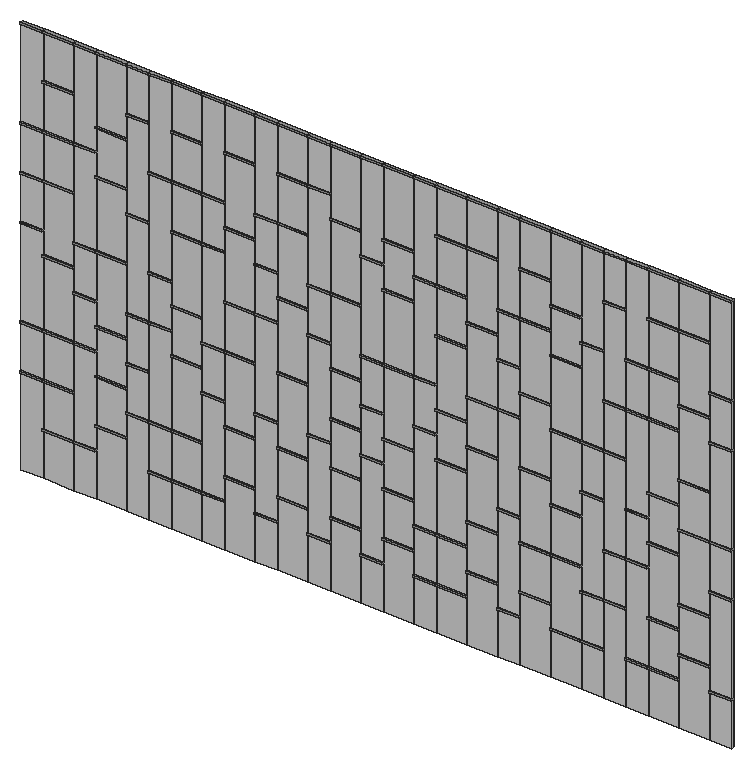
Revit family "SUR-FLD-023_GRUPPO_RFA", category Modelos genéricos, Revit 2022
Family settings
  Puede alojar armadura = No
  Cota de conector redondo = Diámetro de uso
  Tipo de pieza = Normal
  Se basa en plano de trabajo = No
  Siempre vertical = Sí
  Corte con vacíos al cargar = No
  Mantener orientación de anotación = No
  Compartido = No
  Punto de cálculo de habitación = No
Parameters
  Elevación por defecto = 0.00"
Reference planes (in)
  plane 1 "Centro (Frontal/Posterior)": y = 0
  plane 2: z = 0
  plane 3 "Centro (Izquierda/Derecha)": x = 0
Forms (in)
  Extrusion 1, solid
    sketch origin (0, 0, 0) x (1, 0, 0) y (0, 1, 0)
      loop
        line (0, 0) -> (0, -0.23622) -> (6.00006, -0.23622) -> (6.00006, 0) -> (0, 0)
    from 0 to 23.52796
  Extrusion 2, solid
    sketch origin (0, -0.23622, 0) x (1, 0, 0) y (0, 1, 0)
      loop
        line (0, 0) -> (0, -0.23622) -> (6.00006, -0.23622) -> (6.00006, 0) -> (0, 0)
    from 0 to 23.52796
  Extrusion 3, solid
    sketch origin (0, -0.47244, 0) x (1, 0, 0) y (0, 1, 0)
      loop
        line (0, 0) -> (0, -0.11811) -> (6.00006, -0.11811) -> (6.00006, 0) -> (0, 0)
    from 0 to 23.52796
  Extrusion 4, solid
    sketch origin (0, -0.23622, 0.47208) x (1, 0, 0) y (0, 1, 0)
      loop
        line (0, 0.23622) -> (0, -0.76378) -> (6.00006, -0.76378) -> (6.00006, 0.23622) -> (0, 0.23622)
    from 23.05588 to 23.52796
  Extrusion 5, solid
    sketch origin (0, 0, -0.00036) x (1, 0, 0) y (0, 1, 0)
      loop
        line (0, 0) -> (0, -0.23622) -> (6.00006, -0.23622) -> (6.00006, 0) -> (0, 0)
    from 24.0004 to 35.52797
  Extrusion 6, solid
    sketch origin (0, -0.23622, -0.00036) x (1, 0, 0) y (0, 1, 0)
      loop
        line (0, 0) -> (0, -0.23622) -> (6.00006, -0.23622) -> (6.00006, 0) -> (0, 0)
    from 24.0004 to 35.52797
  Extrusion 7, solid
    sketch origin (0, -0.23622, 12.47174) x (1, 0, 0) y (0, 1, 0)
      loop
        line (0, 0.23622) -> (0, -0.76378) -> (6.00006, -0.76378) -> (6.00006, 0.23622) -> (0, 0.23622)
    from 23.05588 to 23.52796
  Extrusion 8, solid
    sketch origin (0, -0.47244, 5.99962) x (1, 0, 0) y (0, 1, 0)
      loop
        line (0, 0) -> (0, -0.11811) -> (6.00006, -0.11811) -> (6.00006, 0) -> (0, 0)
    from 18.00042 to 29.52798
  Extrusion 9, solid
    sketch origin (0.00006, -0.47244, 5.99996) x (1, 0, 0) y (0, 1, 0)
      loop
        line (6, 0) -> (6, -0.11811) -> (14.25008, -0.11811) -> (14.25008, 0) -> (6, 0)
    from 18.00042 to 29.52798
  Extrusion 10, solid
    sketch origin (0.00006, -0.23622, -0.00003) x (1, 0, 0) y (0, 1, 0)
      loop
        line (6, 0) -> (6, -0.23622) -> (14.25008, -0.23622) -> (14.25008, 0) -> (6, 0)
    from 24.0004 to 35.52797
  Extrusion 11, solid
    sketch origin (0.00006, 0, -0.00003) x (1, 0, 0) y (0, 1, 0)
      loop
        line (6, 0) -> (6, -0.23622) -> (14.25008, -0.23622) -> (14.25008, 0) -> (6, 0)
    from 24.0004 to 35.52797
  Extrusion 12, solid
    sketch origin (0.00006, -0.23622, 12.47207) x (1, 0, 0) y (0, 1, 0)
      loop
        line (6, 0.23622) -> (6, -0.76378) -> (14.25008, -0.76378) -> (14.25008, 0.23622) -> (6, 0.23622)
    from 23.05588 to 23.52796
  Extrusion 13, solid
    sketch origin (0.00006, -0.23622, 12.47195) x (1, 0, 0) y (0, 1, 0)
      loop
        line (6, 0.23622) -> (6, -0.76378) -> (14.25008, -0.76378) -> (14.25008, 0.23622) -> (6, 0.23622)
    from 41.05559 to 41.52812
  Extrusion 14, solid
    sketch origin (0.00006, -0.47244, 5.99984) x (1, 0, 0) y (0, 1, 0)
      loop
        line (6, 0) -> (6, -0.11811) -> (14.25008, -0.11811) -> (14.25008, 0) -> (6, 0)
    from 30.00019 to 47.5277
  Extrusion 15, solid
    sketch origin (0.00006, -0.23622, -0.00014) x (1, 0, 0) y (0, 1, 0)
      loop
        line (6, 0) -> (6, -0.23622) -> (14.25008, -0.23622) -> (14.25008, 0) -> (6, 0)
    from 36.00017 to 53.52769
  Extrusion 16, solid
    sketch origin (0.00006, 0, -0.00014) x (1, 0, 0) y (0, 1, 0)
      loop
        line (6, 0) -> (6, -0.23622) -> (14.25008, -0.23622) -> (14.25008, 0) -> (6, 0)
    from 36.00017 to 53.52769
  Extrusion 17, solid, not visible
    sketch origin (0, 0, 0) x (1, 0, 0) y (0, 1, 0)
      loop
        line (0, 0) -> (0, -0.23622) -> (6.00006, -0.23622) -> (6.00006, 0) -> (0, 0)
    from 0 to 23.52796
  Extrusion 18, solid, not visible
    sketch origin (0, -0.23622, 0) x (1, 0, 0) y (0, 1, 0)
      loop
        line (0, 0) -> (0, -0.23622) -> (6.00006, -0.23622) -> (6.00006, 0) -> (0, 0)
    from 0 to 23.52796
  Extrusion 19, solid, not visible
    sketch origin (0, -0.47244, 0) x (1, 0, 0) y (0, 1, 0)
      loop
        line (0, 0) -> (0, -0.11811) -> (6.00006, -0.11811) -> (6.00006, 0) -> (0, 0)
    from 0 to 23.52796
  Extrusion 20, solid, not visible
    sketch origin (0, -0.23622, 0.47208) x (1, 0, 0) y (0, 1, 0)
      loop
        line (0, 0.23622) -> (0, -0.76378) -> (6.00006, -0.76378) -> (6.00006, 0.23622) -> (0, 0.23622)
    from 23.05588 to 23.52796
  Extrusion 21, solid, not visible
    sketch origin (0, 0, 0) x (1, 0, 0) y (0, 1, 0)
      loop
        line (0, 0) -> (0, -0.23622) -> (6.00006, -0.23622) -> (6.00006, 0) -> (0, 0)
    from 24.0004 to 35.52797
  Extrusion 22, solid, not visible
    sketch origin (0, -0.23622, 0) x (1, 0, 0) y (0, 1, 0)
      loop
        line (0, 0) -> (0, -0.23622) -> (6.00006, -0.23622) -> (6.00006, 0) -> (0, 0)
    from 24.0004 to 35.52797
  Extrusion 23, solid, not visible
    sketch origin (0, -0.23622, 12.4721) x (1, 0, 0) y (0, 1, 0)
      loop
        line (0, 0.23622) -> (0, -0.76378) -> (6.00006, -0.76378) -> (6.00006, 0.23622) -> (0, 0.23622)
    from 23.05588 to 23.52796
  Extrusion 24, solid, not visible
    sketch origin (0, -0.47244, 5.99998) x (1, 0, 0) y (0, 1, 0)
      loop
        line (0, 0) -> (0, -0.11811) -> (6.00006, -0.11811) -> (6.00006, 0) -> (0, 0)
    from 18.00042 to 29.52798
  Extrusion 25, solid, not visible
    sketch origin (0, -0.47244, 5.99998) x (1, 0, 0) y (0, 1, 0)
      loop
        line (6, 0) -> (6, -0.11811) -> (14.25008, -0.11811) -> (14.25008, 0) -> (6, 0)
    from 18.00042 to 29.52798
  Extrusion 26, solid, not visible
    sketch origin (0, -0.23622, 0) x (1, 0, 0) y (0, 1, 0)
      loop
        line (6, 0) -> (6, -0.23622) -> (14.25008, -0.23622) -> (14.25008, 0) -> (6, 0)
    from 24.0004 to 35.52797
  Extrusion 27, solid, not visible
    sketch origin (0, 0, 0) x (1, 0, 0) y (0, 1, 0)
      loop
        line (6, 0) -> (6, -0.23622) -> (14.25008, -0.23622) -> (14.25008, 0) -> (6, 0)
    from 24.0004 to 35.52797
  Extrusion 28, solid, not visible
    sketch origin (0, -0.23622, 12.4721) x (1, 0, 0) y (0, 1, 0)
      loop
        line (6, 0.23622) -> (6, -0.76378) -> (14.25008, -0.76378) -> (14.25008, 0.23622) -> (6, 0.23622)
    from 23.05588 to 23.52796
  Extrusion 29, solid, not visible
    sketch origin (0, -0.23622, 12.4721) x (1, 0, 0) y (0, 1, 0)
      loop
        line (6, 0.23622) -> (6, -0.76378) -> (14.25008, -0.76378) -> (14.25008, 0.23622) -> (6, 0.23622)
    from 41.05559 to 41.52812
  Extrusion 30, solid, not visible
    sketch origin (0, -0.47244, 5.99998) x (1, 0, 0) y (0, 1, 0)
      loop
        line (6, 0) -> (6, -0.11811) -> (14.25008, -0.11811) -> (14.25008, 0) -> (6, 0)
    from 30.00019 to 47.5277
  Extrusion 31, solid, not visible
    sketch origin (0, -0.23622, 0) x (1, 0, 0) y (0, 1, 0)
      loop
        line (6, 0) -> (6, -0.23622) -> (14.25008, -0.23622) -> (14.25008, 0) -> (6, 0)
    from 36.00017 to 53.52769
  Extrusion 32, solid, not visible
    sketch origin (0, 0, 0) x (1, 0, 0) y (0, 1, 0)
      loop
        line (6, 0) -> (6, -0.23622) -> (14.25008, -0.23622) -> (14.25008, 0) -> (6, 0)
    from 36.00017 to 53.52769
  Extrusion 33, solid
    sketch origin (0, 0, 35.99969) x (1, 0, 0) y (0, 1, 0)
      loop
        line (0, 0) -> (0, -0.23622) -> (6.00006, -0.23622) -> (6.00006, 0) -> (0, 0)
    from 0 to 23.52796
  Extrusion 34, solid
    sketch origin (0, -0.23622, 35.99969) x (1, 0, 0) y (0, 1, 0)
      loop
        line (0, 0) -> (0, -0.23622) -> (6.00006, -0.23622) -> (6.00006, 0) -> (0, 0)
    from 0 to 23.52796
  Extrusion 35, solid
    sketch origin (0, -0.47244, 35.99969) x (1, 0, 0) y (0, 1, 0)
      loop
        line (0, 0) -> (0, -0.11811) -> (6.00006, -0.11811) -> (6.00006, 0) -> (0, 0)
    from 0 to 23.52796
  Extrusion 36, solid
    sketch origin (0, -0.23622, 36.47177) x (1, 0, 0) y (0, 1, 0)
      loop
        line (0, 0.23622) -> (0, -0.76378) -> (6.00006, -0.76378) -> (6.00006, 0.23622) -> (0, 0.23622)
    from 23.05588 to 23.52796
  Extrusion 37, solid
    sketch origin (0, 0, 35.99933) x (1, 0, 0) y (0, 1, 0)
      loop
        line (0, 0) -> (0, -0.23622) -> (6.00006, -0.23622) -> (6.00006, 0) -> (0, 0)
    from 24.0004 to 35.52797
  Extrusion 38, solid
    sketch origin (0, -0.23622, 35.99933) x (1, 0, 0) y (0, 1, 0)
      loop
        line (0, 0) -> (0, -0.23622) -> (6.00006, -0.23622) -> (6.00006, 0) -> (0, 0)
    from 24.0004 to 35.52797
  Extrusion 39, solid
    sketch origin (0, -0.23622, 48.47143) x (1, 0, 0) y (0, 1, 0)
      loop
        line (0, 0.23622) -> (0, -0.76378) -> (6.00006, -0.76378) -> (6.00006, 0.23622) -> (0, 0.23622)
    from 23.05588 to 23.52796
  Extrusion 40, solid
    sketch origin (0, -0.47244, 41.99931) x (1, 0, 0) y (0, 1, 0)
      loop
        line (0, 0) -> (0, -0.11811) -> (6.00006, -0.11811) -> (6.00006, 0) -> (0, 0)
    from 18.00042 to 29.52798
  Extrusion 41, solid
    sketch origin (0, 0, 47.99899) x (1, 0, 0) y (0, 1, 0)
      loop
        line (0, 0) -> (0, -0.23622) -> (6.00006, -0.23622) -> (6.00006, 0) -> (0, 0)
    from 24.0004 to 35.52797
  Extrusion 42, solid
    sketch origin (0, -0.23622, 47.99899) x (1, 0, 0) y (0, 1, 0)
      loop
        line (0, 0) -> (0, -0.23622) -> (6.00006, -0.23622) -> (6.00006, 0) -> (0, 0)
    from 24.0004 to 35.52797
  Extrusion 43, solid
    sketch origin (0, -0.23622, 60.47108) x (1, 0, 0) y (0, 1, 0)
      loop
        line (0, 0.23622) -> (0, -0.76378) -> (6.00006, -0.76378) -> (6.00006, 0.23622) -> (0, 0.23622)
    from 23.05588 to 23.52796
  Extrusion 44, solid
    sketch origin (0, -0.47244, 53.99897) x (1, 0, 0) y (0, 1, 0)
      loop
        line (0, 0) -> (0, -0.11811) -> (6.00006, -0.11811) -> (6.00006, 0) -> (0, 0)
    from 18.00042 to 29.52798
  Extrusion 45, solid
    sketch origin (0, 0, 83.99904) x (1, 0, 0) y (0, 1, 0)
      loop
        line (0, 0) -> (0, -0.23622) -> (6.00006, -0.23622) -> (6.00006, 0) -> (0, 0)
    from 0 to 23.52796
  Extrusion 46, solid
    sketch origin (0, -0.23622, 83.99904) x (1, 0, 0) y (0, 1, 0)
      loop
        line (0, 0) -> (0, -0.23622) -> (6.00006, -0.23622) -> (6.00006, 0) -> (0, 0)
    from 0 to 23.52796
  Extrusion 47, solid
    sketch origin (0, -0.47244, 83.99904) x (1, 0, 0) y (0, 1, 0)
      loop
        line (0, 0) -> (0, -0.11811) -> (6.00006, -0.11811) -> (6.00006, 0) -> (0, 0)
    from 0 to 23.52796
  Extrusion 48, solid
    sketch origin (0, -0.23622, 84.47112) x (1, 0, 0) y (0, 1, 0)
      loop
        line (0, 0.23622) -> (0, -0.76378) -> (6.00006, -0.76378) -> (6.00006, 0.23622) -> (0, 0.23622)
    from 23.05588 to 23.52796
  Extrusion 49, solid
    sketch origin (0.00006, -0.47244, -5.9997) x (1, 0, 0) y (0, 1, 0)
      loop
        line (6, 0) -> (6, -0.11811) -> (14.25008, -0.11811) -> (14.25008, 0) -> (6, 0)
    from 18.00042 to 29.52798
  Extrusion 50, solid
    sketch origin (0.00006, -0.23622, -11.99968) x (1, 0, 0) y (0, 1, 0)
      loop
        line (6, 0) -> (6, -0.23622) -> (14.25008, -0.23622) -> (14.25008, 0) -> (6, 0)
    from 24.0004 to 35.52797
  Extrusion 51, solid
    sketch origin (0.00006, 0, -11.99968) x (1, 0, 0) y (0, 1, 0)
      loop
        line (6, 0) -> (6, -0.23622) -> (14.25008, -0.23622) -> (14.25008, 0) -> (6, 0)
    from 24.0004 to 35.52797
  Extrusion 52, solid
    sketch origin (0.00006, -0.23622, 0.47242) x (1, 0, 0) y (0, 1, 0)
      loop
        line (6, 0.23622) -> (6, -0.76378) -> (14.25008, -0.76378) -> (14.25008, 0.23622) -> (6, 0.23622)
    from 23.05588 to 23.52796
  Extrusion 53, solid
    sketch origin (0.00006, -0.47244, -17.99935) x (1, 0, 0) y (0, 1, 0)
      loop
        line (6, 0) -> (6, -0.11811) -> (14.25008, -0.11811) -> (14.25008, 0) -> (6, 0)
    from 18.00042 to 29.52798
  Extrusion 54, solid
    sketch origin (0.00006, -0.23622, -23.99933) x (1, 0, 0) y (0, 1, 0)
      loop
        line (6, 0) -> (6, -0.23622) -> (14.25008, -0.23622) -> (14.25008, 0) -> (6, 0)
    from 24.0004 to 35.52797
  Extrusion 55, solid
    sketch origin (0.00006, 0, -23.99933) x (1, 0, 0) y (0, 1, 0)
      loop
        line (6, 0) -> (6, -0.23622) -> (14.25008, -0.23622) -> (14.25008, 0) -> (6, 0)
    from 24.0004 to 35.52797
  Extrusion 56, solid
    sketch origin (0.00006, -0.23622, -11.52724) x (1, 0, 0) y (0, 1, 0)
      loop
        line (6, 0.23622) -> (6, -0.76378) -> (14.25008, -0.76378) -> (14.25008, 0.23622) -> (6, 0.23622)
    from 23.05588 to 23.52796
  Extrusion 57, solid
    sketch origin (0.00006, -0.23622, 30.47199) x (1, 0, 0) y (0, 1, 0)
      loop
        line (6, 0.23622) -> (6, -0.76378) -> (14.25008, -0.76378) -> (14.25008, 0.23622) -> (6, 0.23622)
    from 41.05559 to 41.52812
  Extrusion 58, solid
    sketch origin (0.00006, -0.47244, 23.99988) x (1, 0, 0) y (0, 1, 0)
      loop
        line (6, 0) -> (6, -0.11811) -> (14.25008, -0.11811) -> (14.25008, 0) -> (6, 0)
    from 30.00019 to 47.5277
  Extrusion 59, solid
    sketch origin (0.00006, -0.23622, 17.9999) x (1, 0, 0) y (0, 1, 0)
      loop
        line (6, 0) -> (6, -0.23622) -> (14.25008, -0.23622) -> (14.25008, 0) -> (6, 0)
    from 36.00017 to 53.52769
  Extrusion 60, solid
    sketch origin (0.00006, 0, 17.9999) x (1, 0, 0) y (0, 1, 0)
      loop
        line (6, 0) -> (6, -0.23622) -> (14.25008, -0.23622) -> (14.25008, 0) -> (6, 0)
    from 36.00017 to 53.52769
  Extrusion 61, solid
    sketch origin (0.00006, -0.47244, 53.9997) x (1, 0, 0) y (0, 1, 0)
      loop
        line (6, 0) -> (6, -0.11811) -> (14.25008, -0.11811) -> (14.25008, 0) -> (6, 0)
    from 18.00042 to 29.52798
  Extrusion 62, solid
    sketch origin (0.00006, -0.23622, 47.99972) x (1, 0, 0) y (0, 1, 0)
      loop
        line (6, 0) -> (6, -0.23622) -> (14.25008, -0.23622) -> (14.25008, 0) -> (6, 0)
    from 24.0004 to 35.52797
  Extrusion 63, solid
    sketch origin (0.00006, 0, 47.99972) x (1, 0, 0) y (0, 1, 0)
      loop
        line (6, 0) -> (6, -0.23622) -> (14.25008, -0.23622) -> (14.25008, 0) -> (6, 0)
    from 24.0004 to 35.52797
  Extrusion 64, solid
    sketch origin (0.00006, -0.23622, 60.47181) x (1, 0, 0) y (0, 1, 0)
      loop
        line (6, 0.23622) -> (6, -0.76378) -> (14.25008, -0.76378) -> (14.25008, 0.23622) -> (6, 0.23622)
    from 23.05588 to 23.52796
  Extrusion 65, solid
    sketch origin (0.00006, -0.47244, 65.99935) x (1, 0, 0) y (0, 1, 0)
      loop
        line (6, 0) -> (6, -0.11811) -> (14.25008, -0.11811) -> (14.25008, 0) -> (6, 0)
    from 18.00042 to 29.52798
  Extrusion 66, solid
    sketch origin (0.00006, -0.23622, 59.99937) x (1, 0, 0) y (0, 1, 0)
      loop
        line (6, 0) -> (6, -0.23622) -> (14.25008, -0.23622) -> (14.25008, 0) -> (6, 0)
    from 24.0004 to 35.52797
  Extrusion 67, solid
    sketch origin (0.00006, 0, 59.99937) x (1, 0, 0) y (0, 1, 0)
      loop
        line (6, 0) -> (6, -0.23622) -> (14.25008, -0.23622) -> (14.25008, 0) -> (6, 0)
    from 24.0004 to 35.52797
  Extrusion 68, solid
    sketch origin (0.00006, -0.23622, 72.47147) x (1, 0, 0) y (0, 1, 0)
      loop
        line (6, 0.23622) -> (6, -0.76378) -> (14.25008, -0.76378) -> (14.25008, 0.23622) -> (6, 0.23622)
    from 23.05588 to 23.52796
  Extrusion 69, solid
    sketch origin (0.00006, -0.47244, 77.99901) x (1, 0, 0) y (0, 1, 0)
      loop
        line (6, 0) -> (6, -0.11811) -> (14.25008, -0.11811) -> (14.25008, 0) -> (6, 0)
    from 18.00042 to 29.52798
  Extrusion 70, solid
    sketch origin (0.00006, -0.23622, 71.99903) x (1, 0, 0) y (0, 1, 0)
      loop
        line (6, 0) -> (6, -0.23622) -> (14.25008, -0.23622) -> (14.25008, 0) -> (6, 0)
    from 24.0004 to 35.52797
  Extrusion 71, solid
    sketch origin (0.00006, 0, 71.99903) x (1, 0, 0) y (0, 1, 0)
      loop
        line (6, 0) -> (6, -0.23622) -> (14.25008, -0.23622) -> (14.25008, 0) -> (6, 0)
    from 24.0004 to 35.52797
  Extrusion 72, solid
    sketch origin (0.00006, -0.23622, 84.47112) x (1, 0, 0) y (0, 1, 0)
      loop
        line (6, 0.23622) -> (6, -0.76378) -> (14.25008, -0.76378) -> (14.25008, 0.23622) -> (6, 0.23622)
    from 23.05588 to 23.52796
  Extrusion 73, solid
    sketch origin (14.25013, 0, 83.99904) x (1, 0, 0) y (0, 1, 0)
      loop
        line (0, 0) -> (0, -0.23622) -> (6.00006, -0.23622) -> (6.00006, 0) -> (0, 0)
    from 0 to 23.52796
  Extrusion 74, solid
    sketch origin (14.25013, -0.23622, 83.99904) x (1, 0, 0) y (0, 1, 0)
      loop
        line (0, 0) -> (0, -0.23622) -> (6.00006, -0.23622) -> (6.00006, 0) -> (0, 0)
    from 0 to 23.52796
  Extrusion 75, solid
    sketch origin (14.25013, -0.47244, 83.99904) x (1, 0, 0) y (0, 1, 0)
      loop
        line (0, 0) -> (0, -0.11811) -> (6.00006, -0.11811) -> (6.00006, 0) -> (0, 0)
    from 0 to 23.52796
  Extrusion 76, solid
    sketch origin (14.25013, -0.23622, 84.47112) x (1, 0, 0) y (0, 1, 0)
      loop
        line (0, 0.23622) -> (0, -0.76378) -> (6.00006, -0.76378) -> (6.00006, 0.23622) -> (0, 0.23622)
    from 23.05588 to 23.52796
  Extrusion 77, solid
    sketch origin (14.25013, 0, 59.999) x (1, 0, 0) y (0, 1, 0)
      loop
        line (0, 0) -> (0, -0.23622) -> (6.00006, -0.23622) -> (6.00006, 0) -> (0, 0)
    from 0 to 23.52796
  Extrusion 78, solid
    sketch origin (14.25013, -0.23622, 59.999) x (1, 0, 0) y (0, 1, 0)
      loop
        line (0, 0) -> (0, -0.23622) -> (6.00006, -0.23622) -> (6.00006, 0) -> (0, 0)
    from 0 to 23.52796
  Extrusion 79, solid
    sketch origin (14.25013, -0.47244, 59.999) x (1, 0, 0) y (0, 1, 0)
      loop
        line (0, 0) -> (0, -0.11811) -> (6.00006, -0.11811) -> (6.00006, 0) -> (0, 0)
    from 0 to 23.52796
  Extrusion 80, solid
    sketch origin (14.25013, -0.23622, 60.47108) x (1, 0, 0) y (0, 1, 0)
      loop
        line (0, 0.23622) -> (0, -0.76378) -> (6.00006, -0.76378) -> (6.00006, 0.23622) -> (0, 0.23622)
    from 23.05588 to 23.52796
  Extrusion 81, solid
    sketch origin (14.25013, 0, 23.99895) x (1, 0, 0) y (0, 1, 0)
      loop
        line (0, 0) -> (0, -0.23622) -> (6.00006, -0.23622) -> (6.00006, 0) -> (0, 0)
    from 24.0004 to 35.52797
  Extrusion 82, solid
    sketch origin (14.25013, -0.23622, 23.99895) x (1, 0, 0) y (0, 1, 0)
      loop
        line (0, 0) -> (0, -0.23622) -> (6.00006, -0.23622) -> (6.00006, 0) -> (0, 0)
    from 24.0004 to 35.52797
  Extrusion 83, solid
    sketch origin (14.25013, -0.23622, 36.47104) x (1, 0, 0) y (0, 1, 0)
      loop
        line (0, 0.23622) -> (0, -0.76378) -> (6.00006, -0.76378) -> (6.00006, 0.23622) -> (0, 0.23622)
    from 23.05588 to 23.52796
  Extrusion 84, solid
    sketch origin (14.25013, -0.47244, 29.99893) x (1, 0, 0) y (0, 1, 0)
      loop
        line (0, 0) -> (0, -0.11811) -> (6.00006, -0.11811) -> (6.00006, 0) -> (0, 0)
    from 18.00042 to 29.52798
  Extrusion 85, solid
    sketch origin (14.25013, 0, 11.99929) x (1, 0, 0) y (0, 1, 0)
      loop
        line (0, 0) -> (0, -0.23622) -> (6.00006, -0.23622) -> (6.00006, 0) -> (0, 0)
    from 24.0004 to 35.52797
  Extrusion 86, solid
    sketch origin (14.25013, -0.23622, 11.99929) x (1, 0, 0) y (0, 1, 0)
      loop
        line (0, 0) -> (0, -0.23622) -> (6.00006, -0.23622) -> (6.00006, 0) -> (0, 0)
    from 24.0004 to 35.52797
  Extrusion 87, solid
    sketch origin (14.25013, -0.23622, 24.47139) x (1, 0, 0) y (0, 1, 0)
      loop
        line (0, 0.23622) -> (0, -0.76378) -> (6.00006, -0.76378) -> (6.00006, 0.23622) -> (0, 0.23622)
    from 23.05588 to 23.52796
  Extrusion 88, solid
    sketch origin (14.25013, -0.47244, 17.99928) x (1, 0, 0) y (0, 1, 0)
      loop
        line (0, 0) -> (0, -0.11811) -> (6.00006, -0.11811) -> (6.00006, 0) -> (0, 0)
    from 18.00042 to 29.52798
  Extrusion 89, solid
    sketch origin (14.25013, 0, -24.0004) x (1, 0, 0) y (0, 1, 0)
      loop
        line (0, 0) -> (0, -0.23622) -> (6.00006, -0.23622) -> (6.00006, 0) -> (0, 0)
    from 24.0004 to 35.52797
  Extrusion 90, solid
    sketch origin (14.25013, -0.23622, -24.0004) x (1, 0, 0) y (0, 1, 0)
      loop
        line (0, 0) -> (0, -0.23622) -> (6.00006, -0.23622) -> (6.00006, 0) -> (0, 0)
    from 24.0004 to 35.52797
  Extrusion 91, solid
    sketch origin (14.25013, -0.23622, -11.5283) x (1, 0, 0) y (0, 1, 0)
      loop
        line (0, 0.23622) -> (0, -0.76378) -> (6.00006, -0.76378) -> (6.00006, 0.23622) -> (0, 0.23622)
    from 23.05588 to 23.52796
  Extrusion 92, solid
    sketch origin (14.25013, -0.47244, -18.00042) x (1, 0, 0) y (0, 1, 0)
      loop
        line (0, 0) -> (0, -0.11811) -> (6.00006, -0.11811) -> (6.00006, 0) -> (0, 0)
    from 18.00042 to 29.52798
  Extrusion 93, solid
    sketch origin (14.25013, 0, 11.99965) x (1, 0, 0) y (0, 1, 0)
      loop
        line (0, 0) -> (0, -0.23622) -> (6.00006, -0.23622) -> (6.00006, 0) -> (0, 0)
    from 0 to 23.52796
  Extrusion 94, solid
    sketch origin (14.25013, -0.23622, 11.99965) x (1, 0, 0) y (0, 1, 0)
      loop
        line (0, 0) -> (0, -0.23622) -> (6.00006, -0.23622) -> (6.00006, 0) -> (0, 0)
    from 0 to 23.52796
  Extrusion 95, solid
    sketch origin (14.25013, -0.47244, 11.99965) x (1, 0, 0) y (0, 1, 0)
      loop
        line (0, 0) -> (0, -0.11811) -> (6.00006, -0.11811) -> (6.00006, 0) -> (0, 0)
    from 0 to 23.52796
  Extrusion 96, solid
    sketch origin (14.25013, -0.23622, 12.47174) x (1, 0, 0) y (0, 1, 0)
      loop
        line (0, 0.23622) -> (0, -0.76378) -> (6.00006, -0.76378) -> (6.00006, 0.23622) -> (0, 0.23622)
    from 23.05588 to 23.52796
  Extrusion 97, solid
    sketch origin (14.25019, -0.23622, 18.47122) x (1, 0, 0) y (0, 1, 0)
      loop
        line (6, 0.23622) -> (6, -0.76378) -> (14.25008, -0.76378) -> (14.25008, 0.23622) -> (6, 0.23622)
    from 41.05559 to 41.52812
  Extrusion 98, solid
    sketch origin (14.25019, -0.47244, 11.9991) x (1, 0, 0) y (0, 1, 0)
      loop
        line (6, 0) -> (6, -0.11811) -> (14.25008, -0.11811) -> (14.25008, 0) -> (6, 0)
    from 30.00019 to 47.5277
  Extrusion 99, solid
    sketch origin (14.25019, -0.23622, 5.99912) x (1, 0, 0) y (0, 1, 0)
      loop
        line (6, 0) -> (6, -0.23622) -> (14.25008, -0.23622) -> (14.25008, 0) -> (6, 0)
    from 36.00017 to 53.52769
  Extrusion 100, solid
    sketch origin (14.25019, 0, 5.99912) x (1, 0, 0) y (0, 1, 0)
      loop
        line (6, 0) -> (6, -0.23622) -> (14.25008, -0.23622) -> (14.25008, 0) -> (6, 0)
    from 36.00017 to 53.52769
  Extrusion 101, solid
    sketch origin (14.25019, -0.23622, -23.52814) x (1, 0, 0) y (0, 1, 0)
      loop
        line (6, 0.23622) -> (6, -0.76378) -> (14.25008, -0.76378) -> (14.25008, 0.23622) -> (6, 0.23622)
    from 41.05559 to 41.52812
  Extrusion 102, solid
    sketch origin (14.25019, -0.47244, -30.00025) x (1, 0, 0) y (0, 1, 0)
      loop
        line (6, 0) -> (6, -0.11811) -> (14.25008, -0.11811) -> (14.25008, 0) -> (6, 0)
    from 30.00019 to 47.5277
  Extrusion 103, solid
    sketch origin (14.25019, -0.23622, -36.00023) x (1, 0, 0) y (0, 1, 0)
      loop
        line (6, 0) -> (6, -0.23622) -> (14.25008, -0.23622) -> (14.25008, 0) -> (6, 0)
    from 36.00017 to 53.52769
  Extrusion 104, solid
    sketch origin (14.25019, 0, -36.00023) x (1, 0, 0) y (0, 1, 0)
      loop
        line (6, 0) -> (6, -0.23622) -> (14.25008, -0.23622) -> (14.25008, 0) -> (6, 0)
    from 36.00017 to 53.52769
  Extrusion 105, solid
    sketch origin (14.25019, -0.23622, 36.47126) x (1, 0, 0) y (0, 1, 0)
      loop
        line (6, 0.23622) -> (6, -0.76378) -> (14.25008, -0.76378) -> (14.25008, 0.23622) -> (6, 0.23622)
    from 41.05559 to 41.52812
  Extrusion 106, solid
    sketch origin (14.25019, -0.47244, 29.99915) x (1, 0, 0) y (0, 1, 0)
      loop
        line (6, 0) -> (6, -0.11811) -> (14.25008, -0.11811) -> (14.25008, 0) -> (6, 0)
    from 30.00019 to 47.5277
  Extrusion 107, solid
    sketch origin (14.25019, -0.23622, 23.99916) x (1, 0, 0) y (0, 1, 0)
      loop
        line (6, 0) -> (6, -0.23622) -> (14.25008, -0.23622) -> (14.25008, 0) -> (6, 0)
    from 36.00017 to 53.52769
  Extrusion 108, solid
    sketch origin (14.25019, 0, 23.99916) x (1, 0, 0) y (0, 1, 0)
      loop
        line (6, 0) -> (6, -0.23622) -> (14.25008, -0.23622) -> (14.25008, 0) -> (6, 0)
    from 36.00017 to 53.52769
  Extrusion 109, solid
    sketch origin (14.25019, -0.23622, 66.47096) x (1, 0, 0) y (0, 1, 0)
      loop
        line (6, 0.23622) -> (6, -0.76378) -> (14.25008, -0.76378) -> (14.25008, 0.23622) -> (6, 0.23622)
    from 41.05559 to 41.52812
  Extrusion 110, solid
    sketch origin (14.25019, -0.47244, 59.99884) x (1, 0, 0) y (0, 1, 0)
      loop
        line (6, 0) -> (6, -0.11811) -> (14.25008, -0.11811) -> (14.25008, 0) -> (6, 0)
    from 30.00019 to 47.5277
  Extrusion 111, solid
    sketch origin (14.25019, -0.23622, 53.99886) x (1, 0, 0) y (0, 1, 0)
      loop
        line (6, 0) -> (6, -0.23622) -> (14.25008, -0.23622) -> (14.25008, 0) -> (6, 0)
    from 36.00017 to 53.52769
  Extrusion 112, solid
    sketch origin (14.25019, 0, 53.99886) x (1, 0, 0) y (0, 1, 0)
      loop
        line (6, 0) -> (6, -0.23622) -> (14.25008, -0.23622) -> (14.25008, 0) -> (6, 0)
    from 36.00017 to 53.52769
  Extrusion 113, solid
    sketch origin (14.25019, -0.47244, 59.99896) x (1, 0, 0) y (0, 1, 0)
      loop
        line (6, 0) -> (6, -0.11811) -> (14.25008, -0.11811) -> (14.25008, 0) -> (6, 0)
    from 18.00042 to 29.52798
  Extrusion 114, solid
    sketch origin (14.25019, -0.23622, 53.99898) x (1, 0, 0) y (0, 1, 0)
      loop
        line (6, 0) -> (6, -0.23622) -> (14.25008, -0.23622) -> (14.25008, 0) -> (6, 0)
    from 24.0004 to 35.52797
  Extrusion 115, solid
    sketch origin (14.25019, 0, 53.99898) x (1, 0, 0) y (0, 1, 0)
      loop
        line (6, 0) -> (6, -0.23622) -> (14.25008, -0.23622) -> (14.25008, 0) -> (6, 0)
    from 24.0004 to 35.52797
  Extrusion 116, solid
    sketch origin (14.25019, -0.23622, 66.47108) x (1, 0, 0) y (0, 1, 0)
      loop
        line (6, 0.23622) -> (6, -0.76378) -> (14.25008, -0.76378) -> (14.25008, 0.23622) -> (6, 0.23622)
    from 23.05588 to 23.52796
  Extrusion 117, solid
    sketch origin (14.25019, -0.47244, 11.99922) x (1, 0, 0) y (0, 1, 0)
      loop
        line (6, 0) -> (6, -0.11811) -> (14.25008, -0.11811) -> (14.25008, 0) -> (6, 0)
    from 18.00042 to 29.52798
  Extrusion 118, solid
    sketch origin (14.25019, -0.23622, 5.99924) x (1, 0, 0) y (0, 1, 0)
      loop
        line (6, 0) -> (6, -0.23622) -> (14.25008, -0.23622) -> (14.25008, 0) -> (6, 0)
    from 24.0004 to 35.52797
  Extrusion 119, solid
    sketch origin (14.25019, 0, 5.99924) x (1, 0, 0) y (0, 1, 0)
      loop
        line (6, 0) -> (6, -0.23622) -> (14.25008, -0.23622) -> (14.25008, 0) -> (6, 0)
    from 24.0004 to 35.52797
  Extrusion 120, solid
    sketch origin (14.25019, -0.23622, 18.47134) x (1, 0, 0) y (0, 1, 0)
      loop
        line (6, 0.23622) -> (6, -0.76378) -> (14.25008, -0.76378) -> (14.25008, 0.23622) -> (6, 0.23622)
    from 23.05588 to 23.52796
  Extrusion 121, solid
    sketch origin (14.25019, -0.47244, -0.00043) x (1, 0, 0) y (0, 1, 0)
      loop
        line (6, 0) -> (6, -0.11811) -> (14.25008, -0.11811) -> (14.25008, 0) -> (6, 0)
    from 18.00042 to 29.52798
  Extrusion 122, solid
    sketch origin (14.25019, -0.23622, -6.00041) x (1, 0, 0) y (0, 1, 0)
      loop
        line (6, 0) -> (6, -0.23622) -> (14.25008, -0.23622) -> (14.25008, 0) -> (6, 0)
    from 24.0004 to 35.52797
  Extrusion 123, solid
    sketch origin (14.25019, 0, -6.00041) x (1, 0, 0) y (0, 1, 0)
      loop
        line (6, 0) -> (6, -0.23622) -> (14.25008, -0.23622) -> (14.25008, 0) -> (6, 0)
    from 24.0004 to 35.52797
  Extrusion 124, solid
    sketch origin (14.25019, -0.23622, 6.47168) x (1, 0, 0) y (0, 1, 0)
      loop
        line (6, 0.23622) -> (6, -0.76378) -> (14.25008, -0.76378) -> (14.25008, 0.23622) -> (6, 0.23622)
    from 23.05588 to 23.52796
  Extrusion 125, solid
    sketch origin (28.50026, 0, 0) x (1, 0, 0) y (0, 1, 0)
      loop
        line (0, 0) -> (0, -0.23622) -> (6.00006, -0.23622) -> (6.00006, 0) -> (0, 0)
    from 0 to 23.52796
  Extrusion 126, solid
    sketch origin (28.50026, -0.23622, 0) x (1, 0, 0) y (0, 1, 0)
      loop
        line (0, 0) -> (0, -0.23622) -> (6.00006, -0.23622) -> (6.00006, 0) -> (0, 0)
    from 0 to 23.52796
  Extrusion 127, solid
    sketch origin (28.50026, -0.47244, 0) x (1, 0, 0) y (0, 1, 0)
      loop
        line (0, 0) -> (0, -0.11811) -> (6.00006, -0.11811) -> (6.00006, 0) -> (0, 0)
    from 0 to 23.52796
  Extrusion 128, solid
    sketch origin (28.50026, -0.23622, 0.47208) x (1, 0, 0) y (0, 1, 0)
      loop
        line (0, 0.23622) -> (0, -0.76378) -> (6.00006, -0.76378) -> (6.00006, 0.23622) -> (0, 0.23622)
    from 23.05588 to 23.52796
  Extrusion 129, solid
    sketch origin (28.50026, 0, 47.99935) x (1, 0, 0) y (0, 1, 0)
      loop
        line (0, 0) -> (0, -0.23622) -> (6.00006, -0.23622) -> (6.00006, 0) -> (0, 0)
    from 0 to 23.52796
  Extrusion 130, solid
    sketch origin (28.50026, -0.23622, 47.99935) x (1, 0, 0) y (0, 1, 0)
      loop
        line (0, 0) -> (0, -0.23622) -> (6.00006, -0.23622) -> (6.00006, 0) -> (0, 0)
    from 0 to 23.52796
  Extrusion 131, solid
    sketch origin (28.50026, -0.47244, 47.99935) x (1, 0, 0) y (0, 1, 0)
      loop
        line (0, 0) -> (0, -0.11811) -> (6.00006, -0.11811) -> (6.00006, 0) -> (0, 0)
    from 0 to 23.52796
  Extrusion 132, solid
    sketch origin (28.50026, -0.23622, 48.47143) x (1, 0, 0) y (0, 1, 0)
      loop
        line (0, 0.23622) -> (0, -0.76378) -> (6.00006, -0.76378) -> (6.00006, 0.23622) -> (0, 0.23622)
    from 23.05588 to 23.52796
  Extrusion 133, solid
    sketch origin (28.50026, 0, 71.99939) x (1, 0, 0) y (0, 1, 0)
      loop
        line (0, 0) -> (0, -0.23622) -> (6.00006, -0.23622) -> (6.00006, 0) -> (0, 0)
    from 0 to 23.52796
  Extrusion 134, solid
    sketch origin (28.50026, -0.23622, 71.99939) x (1, 0, 0) y (0, 1, 0)
      loop
        line (0, 0) -> (0, -0.23622) -> (6.00006, -0.23622) -> (6.00006, 0) -> (0, 0)
    from 0 to 23.52796
  Extrusion 135, solid
    sketch origin (28.50026, -0.47244, 71.99939) x (1, 0, 0) y (0, 1, 0)
      loop
        line (0, 0) -> (0, -0.11811) -> (6.00006, -0.11811) -> (6.00006, 0) -> (0, 0)
    from 0 to 23.52796
  Extrusion 136, solid
    sketch origin (28.50026, -0.23622, 72.47147) x (1, 0, 0) y (0, 1, 0)
      loop
        line (0, 0.23622) -> (0, -0.76378) -> (6.00006, -0.76378) -> (6.00006, 0.23622) -> (0, 0.23622)
    from 23.05588 to 23.52796
  Extrusion 137, solid
    sketch origin (28.50026, 0, 11.99929) x (1, 0, 0) y (0, 1, 0)
      loop
        line (0, 0) -> (0, -0.23622) -> (6.00006, -0.23622) -> (6.00006, 0) -> (0, 0)
    from 24.0004 to 35.52797
  Extrusion 138, solid
    sketch origin (28.50026, -0.23622, 11.99929) x (1, 0, 0) y (0, 1, 0)
      loop
        line (0, 0) -> (0, -0.23622) -> (6.00006, -0.23622) -> (6.00006, 0) -> (0, 0)
    from 24.0004 to 35.52797
  Extrusion 139, solid
    sketch origin (28.50026, -0.23622, 24.47139) x (1, 0, 0) y (0, 1, 0)
      loop
        line (0, 0.23622) -> (0, -0.76378) -> (6.00006, -0.76378) -> (6.00006, 0.23622) -> (0, 0.23622)
    from 23.05588 to 23.52796
  Extrusion 140, solid
    sketch origin (28.50026, -0.47244, 17.99928) x (1, 0, 0) y (0, 1, 0)
      loop
        line (0, 0) -> (0, -0.11811) -> (6.00006, -0.11811) -> (6.00006, 0) -> (0, 0)
    from 18.00042 to 29.52798
  Extrusion 141, solid
    sketch origin (28.50026, 0, 71.99903) x (1, 0, 0) y (0, 1, 0)
      loop
        line (0, 0) -> (0, -0.23622) -> (6.00006, -0.23622) -> (6.00006, 0) -> (0, 0)
    from 24.0004 to 35.52797
  Extrusion 142, solid
    sketch origin (28.50026, -0.23622, 71.99903) x (1, 0, 0) y (0, 1, 0)
      loop
        line (0, 0) -> (0, -0.23622) -> (6.00006, -0.23622) -> (6.00006, 0) -> (0, 0)
    from 24.0004 to 35.52797
  Extrusion 143, solid
    sketch origin (28.50026, -0.23622, 84.47112) x (1, 0, 0) y (0, 1, 0)
      loop
        line (0, 0.23622) -> (0, -0.76378) -> (6.00006, -0.76378) -> (6.00006, 0.23622) -> (0, 0.23622)
    from 23.05588 to 23.52796
  Extrusion 144, solid
    sketch origin (28.50026, -0.47244, 77.99901) x (1, 0, 0) y (0, 1, 0)
      loop
        line (0, 0) -> (0, -0.11811) -> (6.00006, -0.11811) -> (6.00006, 0) -> (0, 0)
    from 18.00042 to 29.52798
  Extrusion 145, solid
    sketch origin (28.50026, 0, -0.00036) x (1, 0, 0) y (0, 1, 0)
      loop
        line (0, 0) -> (0, -0.23622) -> (6.00006, -0.23622) -> (6.00006, 0) -> (0, 0)
    from 24.0004 to 35.52797
  Extrusion 146, solid
    sketch origin (28.50026, -0.23622, -0.00036) x (1, 0, 0) y (0, 1, 0)
      loop
        line (0, 0) -> (0, -0.23622) -> (6.00006, -0.23622) -> (6.00006, 0) -> (0, 0)
    from 24.0004 to 35.52797
  Extrusion 147, solid
    sketch origin (28.50026, -0.23622, 12.47174) x (1, 0, 0) y (0, 1, 0)
      loop
        line (0, 0.23622) -> (0, -0.76378) -> (6.00006, -0.76378) -> (6.00006, 0.23622) -> (0, 0.23622)
    from 23.05588 to 23.52796
  Extrusion 148, solid
    sketch origin (28.50026, -0.47244, 5.99962) x (1, 0, 0) y (0, 1, 0)
      loop
        line (0, 0) -> (0, -0.11811) -> (6.00006, -0.11811) -> (6.00006, 0) -> (0, 0)
    from 18.00042 to 29.52798
  Extrusion 149, solid
    sketch origin (34.50032, 0, 23.99931) x (1, 0, 0) y (0, 1, 0)
      loop
        line (0, 0) -> (0, -0.23622) -> (6.00006, -0.23622) -> (6.00006, 0) -> (0, 0)
    from 0 to 23.52796
  Extrusion 150, solid
    sketch origin (34.50032, -0.23622, 23.99931) x (1, 0, 0) y (0, 1, 0)
      loop
        line (0, 0) -> (0, -0.23622) -> (6.00006, -0.23622) -> (6.00006, 0) -> (0, 0)
    from 0 to 23.52796
  Extrusion 151, solid
    sketch origin (34.50032, -0.47244, 23.99931) x (1, 0, 0) y (0, 1, 0)
      loop
        line (0, 0) -> (0, -0.11811) -> (6.00006, -0.11811) -> (6.00006, 0) -> (0, 0)
    from 0 to 23.52796
  Extrusion 152, solid
    sketch origin (34.50032, -0.23622, 24.47139) x (1, 0, 0) y (0, 1, 0)
      loop
        line (0, 0.23622) -> (0, -0.76378) -> (6.00006, -0.76378) -> (6.00006, 0.23622) -> (0, 0.23622)
    from 23.05588 to 23.52796
  Extrusion 153, solid
    sketch origin (34.50032, 0, 59.999) x (1, 0, 0) y (0, 1, 0)
      loop
        line (0, 0) -> (0, -0.23622) -> (6.00006, -0.23622) -> (6.00006, 0) -> (0, 0)
    from 0 to 23.52796
  Extrusion 154, solid
    sketch origin (34.50032, -0.23622, 59.999) x (1, 0, 0) y (0, 1, 0)
      loop
        line (0, 0) -> (0, -0.23622) -> (6.00006, -0.23622) -> (6.00006, 0) -> (0, 0)
    from 0 to 23.52796
  Extrusion 155, solid
    sketch origin (34.50032, -0.47244, 59.999) x (1, 0, 0) y (0, 1, 0)
      loop
        line (0, 0) -> (0, -0.11811) -> (6.00006, -0.11811) -> (6.00006, 0) -> (0, 0)
    from 0 to 23.52796
  Extrusion 156, solid
    sketch origin (34.50032, -0.23622, 60.47108) x (1, 0, 0) y (0, 1, 0)
      loop
        line (0, 0.23622) -> (0, -0.76378) -> (6.00006, -0.76378) -> (6.00006, 0.23622) -> (0, 0.23622)
    from 23.05588 to 23.52796
  Extrusion 157, solid
    sketch origin (34.50032, 0, 83.99904) x (1, 0, 0) y (0, 1, 0)
      loop
        line (0, 0) -> (0, -0.23622) -> (6.00006, -0.23622) -> (6.00006, 0) -> (0, 0)
    from 0 to 23.52796
  Extrusion 158, solid
    sketch origin (34.50032, -0.23622, 83.99904) x (1, 0, 0) y (0, 1, 0)
      loop
        line (0, 0) -> (0, -0.23622) -> (6.00006, -0.23622) -> (6.00006, 0) -> (0, 0)
    from 0 to 23.52796
  Extrusion 159, solid
    sketch origin (34.50032, -0.47244, 83.99904) x (1, 0, 0) y (0, 1, 0)
      loop
        line (0, 0) -> (0, -0.11811) -> (6.00006, -0.11811) -> (6.00006, 0) -> (0, 0)
    from 0 to 23.52796
  Extrusion 160, solid
    sketch origin (34.50032, -0.23622, 84.47112) x (1, 0, 0) y (0, 1, 0)
      loop
        line (0, 0.23622) -> (0, -0.76378) -> (6.00006, -0.76378) -> (6.00006, 0.23622) -> (0, 0.23622)
    from 23.05588 to 23.52796
  Extrusion 161, solid
    sketch origin (34.50032, 0, 23.99895) x (1, 0, 0) y (0, 1, 0)
      loop
        line (0, 0) -> (0, -0.23622) -> (6.00006, -0.23622) -> (6.00006, 0) -> (0, 0)
    from 24.0004 to 35.52797
  Extrusion 162, solid
    sketch origin (34.50032, -0.23622, 23.99895) x (1, 0, 0) y (0, 1, 0)
      loop
        line (0, 0) -> (0, -0.23622) -> (6.00006, -0.23622) -> (6.00006, 0) -> (0, 0)
    from 24.0004 to 35.52797
  Extrusion 163, solid
    sketch origin (34.50032, -0.23622, 36.47104) x (1, 0, 0) y (0, 1, 0)
      loop
        line (0, 0.23622) -> (0, -0.76378) -> (6.00006, -0.76378) -> (6.00006, 0.23622) -> (0, 0.23622)
    from 23.05588 to 23.52796
  Extrusion 164, solid
    sketch origin (34.50032, -0.47244, 29.99893) x (1, 0, 0) y (0, 1, 0)
      loop
        line (0, 0) -> (0, -0.11811) -> (6.00006, -0.11811) -> (6.00006, 0) -> (0, 0)
    from 18.00042 to 29.52798
  Extrusion 165, solid
    sketch origin (34.50032, 0, -12.00074) x (1, 0, 0) y (0, 1, 0)
      loop
        line (0, 0) -> (0, -0.23622) -> (6.00006, -0.23622) -> (6.00006, 0) -> (0, 0)
    from 24.0004 to 35.52797
  Extrusion 166, solid
    sketch origin (34.50032, -0.23622, -12.00074) x (1, 0, 0) y (0, 1, 0)
      loop
        line (0, 0) -> (0, -0.23622) -> (6.00006, -0.23622) -> (6.00006, 0) -> (0, 0)
    from 24.0004 to 35.52797
  Extrusion 167, solid
    sketch origin (34.50032, -0.23622, 0.47135) x (1, 0, 0) y (0, 1, 0)
      loop
        line (0, 0.23622) -> (0, -0.76378) -> (6.00006, -0.76378) -> (6.00006, 0.23622) -> (0, 0.23622)
    from 23.05588 to 23.52796
  Extrusion 168, solid
    sketch origin (34.50032, -0.47244, -6.00076) x (1, 0, 0) y (0, 1, 0)
      loop
        line (0, 0) -> (0, -0.11811) -> (6.00006, -0.11811) -> (6.00006, 0) -> (0, 0)
    from 18.00042 to 29.52798
  Extrusion 169, solid
    sketch origin (34.50032, 0, -24.0004) x (1, 0, 0) y (0, 1, 0)
      loop
        line (0, 0) -> (0, -0.23622) -> (6.00006, -0.23622) -> (6.00006, 0) -> (0, 0)
    from 24.0004 to 35.52797
  Extrusion 170, solid
    sketch origin (34.50032, -0.23622, -24.0004) x (1, 0, 0) y (0, 1, 0)
      loop
        line (0, 0) -> (0, -0.23622) -> (6.00006, -0.23622) -> (6.00006, 0) -> (0, 0)
    from 24.0004 to 35.52797
  Extrusion 171, solid
    sketch origin (34.50032, -0.23622, -11.5283) x (1, 0, 0) y (0, 1, 0)
      loop
        line (0, 0.23622) -> (0, -0.76378) -> (6.00006, -0.76378) -> (6.00006, 0.23622) -> (0, 0.23622)
    from 23.05588 to 23.52796
  Extrusion 172, solid
    sketch origin (34.50032, -0.47244, -18.00042) x (1, 0, 0) y (0, 1, 0)
      loop
        line (0, 0) -> (0, -0.11811) -> (6.00006, -0.11811) -> (6.00006, 0) -> (0, 0)
    from 18.00042 to 29.52798
  Extrusion 173, solid
    sketch origin (34.50038, -0.47244, -17.99935) x (1, 0, 0) y (0, 1, 0)
      loop
        line (6, 0) -> (6, -0.11811) -> (14.25008, -0.11811) -> (14.25008, 0) -> (6, 0)
    from 18.00042 to 29.52798
  Extrusion 174, solid
    sketch origin (34.50038, -0.23622, -23.99933) x (1, 0, 0) y (0, 1, 0)
      loop
        line (6, 0) -> (6, -0.23622) -> (14.25008, -0.23622) -> (14.25008, 0) -> (6, 0)
    from 24.0004 to 35.52797
  Extrusion 175, solid
    sketch origin (34.50038, 0, -23.99933) x (1, 0, 0) y (0, 1, 0)
      loop
        line (6, 0) -> (6, -0.23622) -> (14.25008, -0.23622) -> (14.25008, 0) -> (6, 0)
    from 24.0004 to 35.52797
  Extrusion 176, solid
    sketch origin (34.50038, -0.23622, -11.52724) x (1, 0, 0) y (0, 1, 0)
      loop
        line (6, 0.23622) -> (6, -0.76378) -> (14.25008, -0.76378) -> (14.25008, 0.23622) -> (6, 0.23622)
    from 23.05588 to 23.52796
  Extrusion 177, solid
    sketch origin (34.50038, -0.47244, -5.9997) x (1, 0, 0) y (0, 1, 0)
      loop
        line (6, 0) -> (6, -0.11811) -> (14.25008, -0.11811) -> (14.25008, 0) -> (6, 0)
    from 18.00042 to 29.52798
  Extrusion 178, solid
    sketch origin (34.50038, -0.23622, -11.99968) x (1, 0, 0) y (0, 1, 0)
      loop
        line (6, 0) -> (6, -0.23622) -> (14.25008, -0.23622) -> (14.25008, 0) -> (6, 0)
    from 24.0004 to 35.52797
  Extrusion 179, solid
    sketch origin (34.50038, 0, -11.99968) x (1, 0, 0) y (0, 1, 0)
      loop
        line (6, 0) -> (6, -0.23622) -> (14.25008, -0.23622) -> (14.25008, 0) -> (6, 0)
    from 24.0004 to 35.52797
  Extrusion 180, solid
    sketch origin (34.50038, -0.23622, 0.47242) x (1, 0, 0) y (0, 1, 0)
      loop
        line (6, 0.23622) -> (6, -0.76378) -> (14.25008, -0.76378) -> (14.25008, 0.23622) -> (6, 0.23622)
    from 23.05588 to 23.52796
  Extrusion 181, solid
    sketch origin (34.50038, -0.47244, 24) x (1, 0, 0) y (0, 1, 0)
      loop
        line (6, 0) -> (6, -0.11811) -> (14.25008, -0.11811) -> (14.25008, 0) -> (6, 0)
    from 18.00042 to 29.52798
  Extrusion 182, solid
    sketch origin (34.50038, -0.23622, 18.00002) x (1, 0, 0) y (0, 1, 0)
      loop
        line (6, 0) -> (6, -0.23622) -> (14.25008, -0.23622) -> (14.25008, 0) -> (6, 0)
    from 24.0004 to 35.52797
  Extrusion 183, solid
    sketch origin (34.50038, 0, 18.00002) x (1, 0, 0) y (0, 1, 0)
      loop
        line (6, 0) -> (6, -0.23622) -> (14.25008, -0.23622) -> (14.25008, 0) -> (6, 0)
    from 24.0004 to 35.52797
  Extrusion 184, solid
    sketch origin (34.50038, -0.23622, 30.47211) x (1, 0, 0) y (0, 1, 0)
      loop
        line (6, 0.23622) -> (6, -0.76378) -> (14.25008, -0.76378) -> (14.25008, 0.23622) -> (6, 0.23622)
    from 23.05588 to 23.52796
  Extrusion 185, solid
    sketch origin (34.50038, -0.47244, 53.9997) x (1, 0, 0) y (0, 1, 0)
      loop
        line (6, 0) -> (6, -0.11811) -> (14.25008, -0.11811) -> (14.25008, 0) -> (6, 0)
    from 18.00042 to 29.52798
  Extrusion 186, solid
    sketch origin (34.50038, -0.23622, 47.99972) x (1, 0, 0) y (0, 1, 0)
      loop
        line (6, 0) -> (6, -0.23622) -> (14.25008, -0.23622) -> (14.25008, 0) -> (6, 0)
    from 24.0004 to 35.52797
  Extrusion 187, solid
    sketch origin (34.50038, 0, 47.99972) x (1, 0, 0) y (0, 1, 0)
      loop
        line (6, 0) -> (6, -0.23622) -> (14.25008, -0.23622) -> (14.25008, 0) -> (6, 0)
    from 24.0004 to 35.52797
  Extrusion 188, solid
    sketch origin (34.50038, -0.23622, 60.47181) x (1, 0, 0) y (0, 1, 0)
      loop
        line (6, 0.23622) -> (6, -0.76378) -> (14.25008, -0.76378) -> (14.25008, 0.23622) -> (6, 0.23622)
    from 23.05588 to 23.52796
  Extrusion 189, solid
    sketch origin (34.50038, -0.47244, 65.99935) x (1, 0, 0) y (0, 1, 0)
      loop
        line (6, 0) -> (6, -0.11811) -> (14.25008, -0.11811) -> (14.25008, 0) -> (6, 0)
    from 18.00042 to 29.52798
  Extrusion 190, solid
    sketch origin (34.50038, -0.23622, 59.99937) x (1, 0, 0) y (0, 1, 0)
      loop
        line (6, 0) -> (6, -0.23622) -> (14.25008, -0.23622) -> (14.25008, 0) -> (6, 0)
    from 24.0004 to 35.52797
  Extrusion 191, solid
    sketch origin (34.50038, 0, 59.99937) x (1, 0, 0) y (0, 1, 0)
      loop
        line (6, 0) -> (6, -0.23622) -> (14.25008, -0.23622) -> (14.25008, 0) -> (6, 0)
    from 24.0004 to 35.52797
  Extrusion 192, solid
    sketch origin (34.50038, -0.23622, 72.47147) x (1, 0, 0) y (0, 1, 0)
      loop
        line (6, 0.23622) -> (6, -0.76378) -> (14.25008, -0.76378) -> (14.25008, 0.23622) -> (6, 0.23622)
    from 23.05588 to 23.52796
  Extrusion 193, solid
    sketch origin (34.50038, -0.47244, 77.99901) x (1, 0, 0) y (0, 1, 0)
      loop
        line (6, 0) -> (6, -0.11811) -> (14.25008, -0.11811) -> (14.25008, 0) -> (6, 0)
    from 18.00042 to 29.52798
  Extrusion 194, solid
    sketch origin (34.50038, -0.23622, 71.99903) x (1, 0, 0) y (0, 1, 0)
      loop
        line (6, 0) -> (6, -0.23622) -> (14.25008, -0.23622) -> (14.25008, 0) -> (6, 0)
    from 24.0004 to 35.52797
  Extrusion 195, solid
    sketch origin (34.50038, 0, 71.99903) x (1, 0, 0) y (0, 1, 0)
      loop
        line (6, 0) -> (6, -0.23622) -> (14.25008, -0.23622) -> (14.25008, 0) -> (6, 0)
    from 24.0004 to 35.52797
  Extrusion 196, solid
    sketch origin (34.50038, -0.23622, 84.47112) x (1, 0, 0) y (0, 1, 0)
      loop
        line (6, 0.23622) -> (6, -0.76378) -> (14.25008, -0.76378) -> (14.25008, 0.23622) -> (6, 0.23622)
    from 23.05588 to 23.52796
  Extrusion 197, solid
    sketch origin (34.50038, -0.23622, 0.4723) x (1, 0, 0) y (0, 1, 0)
      loop
        line (6, 0.23622) -> (6, -0.76378) -> (14.25008, -0.76378) -> (14.25008, 0.23622) -> (6, 0.23622)
    from 41.05559 to 41.52812
  Extrusion 198, solid
    sketch origin (34.50038, -0.47244, -5.99982) x (1, 0, 0) y (0, 1, 0)
      loop
        line (6, 0) -> (6, -0.11811) -> (14.25008, -0.11811) -> (14.25008, 0) -> (6, 0)
    from 30.00019 to 47.5277
  Extrusion 199, solid
    sketch origin (34.50038, -0.23622, -11.9998) x (1, 0, 0) y (0, 1, 0)
      loop
        line (6, 0) -> (6, -0.23622) -> (14.25008, -0.23622) -> (14.25008, 0) -> (6, 0)
    from 36.00017 to 53.52769
  Extrusion 200, solid
    sketch origin (34.50038, 0, -11.9998) x (1, 0, 0) y (0, 1, 0)
      loop
        line (6, 0) -> (6, -0.23622) -> (14.25008, -0.23622) -> (14.25008, 0) -> (6, 0)
    from 36.00017 to 53.52769
  Extrusion 201, solid
    sketch origin (34.50038, -0.23622, 30.47199) x (1, 0, 0) y (0, 1, 0)
      loop
        line (6, 0.23622) -> (6, -0.76378) -> (14.25008, -0.76378) -> (14.25008, 0.23622) -> (6, 0.23622)
    from 41.05559 to 41.52812
  Extrusion 202, solid
    sketch origin (34.50038, -0.47244, 23.99988) x (1, 0, 0) y (0, 1, 0)
      loop
        line (6, 0) -> (6, -0.11811) -> (14.25008, -0.11811) -> (14.25008, 0) -> (6, 0)
    from 30.00019 to 47.5277
  Extrusion 203, solid
    sketch origin (34.50038, -0.23622, 17.9999) x (1, 0, 0) y (0, 1, 0)
      loop
        line (6, 0) -> (6, -0.23622) -> (14.25008, -0.23622) -> (14.25008, 0) -> (6, 0)
    from 36.00017 to 53.52769
  Extrusion 204, solid
    sketch origin (34.50038, 0, 17.9999) x (1, 0, 0) y (0, 1, 0)
      loop
        line (6, 0) -> (6, -0.23622) -> (14.25008, -0.23622) -> (14.25008, 0) -> (6, 0)
    from 36.00017 to 53.52769
  Extrusion 205, solid
    sketch origin (48.75045, 0, 83.99904) x (1, 0, 0) y (0, 1, 0)
      loop
        line (0, 0) -> (0, -0.23622) -> (6.00006, -0.23622) -> (6.00006, 0) -> (0, 0)
    from 0 to 23.52796
  Extrusion 206, solid
    sketch origin (48.75045, -0.23622, 83.99904) x (1, 0, 0) y (0, 1, 0)
      loop
        line (0, 0) -> (0, -0.23622) -> (6.00006, -0.23622) -> (6.00006, 0) -> (0, 0)
    from 0 to 23.52796
  Extrusion 207, solid
    sketch origin (48.75045, -0.47244, 83.99904) x (1, 0, 0) y (0, 1, 0)
      loop
        line (0, 0) -> (0, -0.11811) -> (6.00006, -0.11811) -> (6.00006, 0) -> (0, 0)
    from 0 to 23.52796
  Extrusion 208, solid
    sketch origin (48.75045, -0.23622, 84.47112) x (1, 0, 0) y (0, 1, 0)
      loop
        line (0, 0.23622) -> (0, -0.76378) -> (6.00006, -0.76378) -> (6.00006, 0.23622) -> (0, 0.23622)
    from 23.05588 to 23.52796
  Extrusion 209, solid
    sketch origin (48.75045, 0, 47.99935) x (1, 0, 0) y (0, 1, 0)
      loop
        line (0, 0) -> (0, -0.23622) -> (6.00006, -0.23622) -> (6.00006, 0) -> (0, 0)
    from 0 to 23.52796
  Extrusion 210, solid
    sketch origin (48.75045, -0.23622, 47.99935) x (1, 0, 0) y (0, 1, 0)
      loop
        line (0, 0) -> (0, -0.23622) -> (6.00006, -0.23622) -> (6.00006, 0) -> (0, 0)
    from 0 to 23.52796
  Extrusion 211, solid
    sketch origin (48.75045, -0.47244, 47.99935) x (1, 0, 0) y (0, 1, 0)
      loop
        line (0, 0) -> (0, -0.11811) -> (6.00006, -0.11811) -> (6.00006, 0) -> (0, 0)
    from 0 to 23.52796
  Extrusion 212, solid
    sketch origin (48.75045, -0.23622, 48.47143) x (1, 0, 0) y (0, 1, 0)
      loop
        line (0, 0.23622) -> (0, -0.76378) -> (6.00006, -0.76378) -> (6.00006, 0.23622) -> (0, 0.23622)
    from 23.05588 to 23.52796
  Extrusion 213, solid
    sketch origin (48.75045, 0, 11.99965) x (1, 0, 0) y (0, 1, 0)
      loop
        line (0, 0) -> (0, -0.23622) -> (6.00006, -0.23622) -> (6.00006, 0) -> (0, 0)
    from 0 to 23.52796
  Extrusion 214, solid
    sketch origin (48.75045, -0.23622, 11.99965) x (1, 0, 0) y (0, 1, 0)
      loop
        line (0, 0) -> (0, -0.23622) -> (6.00006, -0.23622) -> (6.00006, 0) -> (0, 0)
    from 0 to 23.52796
  Extrusion 215, solid
    sketch origin (48.75045, -0.47244, 11.99965) x (1, 0, 0) y (0, 1, 0)
      loop
        line (0, 0) -> (0, -0.11811) -> (6.00006, -0.11811) -> (6.00006, 0) -> (0, 0)
    from 0 to 23.52796
  Extrusion 216, solid
    sketch origin (48.75045, -0.23622, 12.47174) x (1, 0, 0) y (0, 1, 0)
      loop
        line (0, 0.23622) -> (0, -0.76378) -> (6.00006, -0.76378) -> (6.00006, 0.23622) -> (0, 0.23622)
    from 23.05588 to 23.52796
  Extrusion 217, solid
    sketch origin (48.75045, 0, -24.0004) x (1, 0, 0) y (0, 1, 0)
      loop
        line (0, 0) -> (0, -0.23622) -> (6.00006, -0.23622) -> (6.00006, 0) -> (0, 0)
    from 24.0004 to 35.52797
  Extrusion 218, solid
    sketch origin (48.75045, -0.23622, -24.0004) x (1, 0, 0) y (0, 1, 0)
      loop
        line (0, 0) -> (0, -0.23622) -> (6.00006, -0.23622) -> (6.00006, 0) -> (0, 0)
    from 24.0004 to 35.52797
  Extrusion 219, solid
    sketch origin (48.75045, -0.23622, -11.5283) x (1, 0, 0) y (0, 1, 0)
      loop
        line (0, 0.23622) -> (0, -0.76378) -> (6.00006, -0.76378) -> (6.00006, 0.23622) -> (0, 0.23622)
    from 23.05588 to 23.52796
  Extrusion 220, solid
    sketch origin (48.75045, -0.47244, -18.00042) x (1, 0, 0) y (0, 1, 0)
      loop
        line (0, 0) -> (0, -0.11811) -> (6.00006, -0.11811) -> (6.00006, 0) -> (0, 0)
    from 18.00042 to 29.52798
  Extrusion 221, solid
    sketch origin (48.75045, 0, 11.99929) x (1, 0, 0) y (0, 1, 0)
      loop
        line (0, 0) -> (0, -0.23622) -> (6.00006, -0.23622) -> (6.00006, 0) -> (0, 0)
    from 24.0004 to 35.52797
  Extrusion 222, solid
    sketch origin (48.75045, -0.23622, 11.99929) x (1, 0, 0) y (0, 1, 0)
      loop
        line (0, 0) -> (0, -0.23622) -> (6.00006, -0.23622) -> (6.00006, 0) -> (0, 0)
    from 24.0004 to 35.52797
  Extrusion 223, solid
    sketch origin (48.75045, -0.23622, 24.47139) x (1, 0, 0) y (0, 1, 0)
      loop
        line (0, 0.23622) -> (0, -0.76378) -> (6.00006, -0.76378) -> (6.00006, 0.23622) -> (0, 0.23622)
    from 23.05588 to 23.52796
  Extrusion 224, solid
    sketch origin (48.75045, -0.47244, 17.99928) x (1, 0, 0) y (0, 1, 0)
      loop
        line (0, 0) -> (0, -0.11811) -> (6.00006, -0.11811) -> (6.00006, 0) -> (0, 0)
    from 18.00042 to 29.52798
  Extrusion 225, solid
    sketch origin (48.75045, 0, 47.99899) x (1, 0, 0) y (0, 1, 0)
      loop
        line (0, 0) -> (0, -0.23622) -> (6.00006, -0.23622) -> (6.00006, 0) -> (0, 0)
    from 24.0004 to 35.52797
  Extrusion 226, solid
    sketch origin (48.75045, -0.23622, 47.99899) x (1, 0, 0) y (0, 1, 0)
      loop
        line (0, 0) -> (0, -0.23622) -> (6.00006, -0.23622) -> (6.00006, 0) -> (0, 0)
    from 24.0004 to 35.52797
  Extrusion 227, solid
    sketch origin (48.75045, -0.23622, 60.47108) x (1, 0, 0) y (0, 1, 0)
      loop
        line (0, 0.23622) -> (0, -0.76378) -> (6.00006, -0.76378) -> (6.00006, 0.23622) -> (0, 0.23622)
    from 23.05588 to 23.52796
  Extrusion 228, solid
    sketch origin (48.75045, -0.47244, 53.99897) x (1, 0, 0) y (0, 1, 0)
      loop
        line (0, 0) -> (0, -0.11811) -> (6.00006, -0.11811) -> (6.00006, 0) -> (0, 0)
    from 18.00042 to 29.52798
  Extrusion 229, solid
    sketch origin (48.75051, -0.23622, -23.52814) x (1, 0, 0) y (0, 1, 0)
      loop
        line (6, 0.23622) -> (6, -0.76378) -> (14.25008, -0.76378) -> (14.25008, 0.23622) -> (6, 0.23622)
    from 41.05559 to 41.52812
  Extrusion 230, solid
    sketch origin (48.75051, -0.47244, -30.00025) x (1, 0, 0) y (0, 1, 0)
      loop
        line (6, 0) -> (6, -0.11811) -> (14.25008, -0.11811) -> (14.25008, 0) -> (6, 0)
    from 30.00019 to 47.5277
